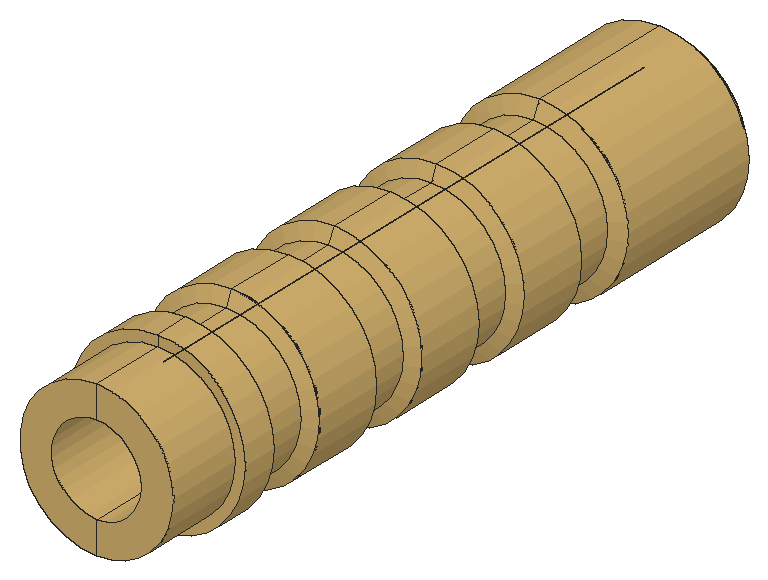
Revit family "PRD_FrankeWS_ShwrFttngsPckg_ExtensionSetForF3S-Mix_ACSM2002", category Specialty Equipment, Revit 2018
Family settings
  Round Connector Dimension = Use Diameter
  Part Type = Normal
  OmniClass Number = 23.45.05.14.99
  OmniClass Title = Other Sanitary Washing Plumbing Fixtures
  Work Plane-Based = Yes
  Always vertical = Yes
  Cut with Voids When Loaded = No
  Shared = No
  Room Calculation Point = No
Parameters (values of type "ACSM2002")
  WarrantyStartDate [instance] = "1900-12-31T23:59:59"
  WarrantyGuarantorParts = "n/a"
  WarrantyGuarantorLabor = "n/a"
  WarrantyDurationUnit = "year"
  WarrantyDurationParts = "n/a"
  WarrantyDurationLabor = "n/a"
  WarrantyDescription = "n/a"
  Version = "1"
  Uniclass2015Version = "Products v1.17"
  Uniclass2015Title = "Shower fittings package"
  Uniclass2015Code = "Pr_40_20_87_75"
  URL = "www.kwc.com"
  TailorMade = "No"
  TagNumber [instance] = "n/a"
  SustainabilityPerformance = "n/a"
  Status = "New"
  Size = "n/a"
  Shape = "n/a"
  SerialNumber [instance] = "n/a"
  Revision = "n/a"
  ReplacementCost = "n/a"
  Reference = "n/a"
  QuantityUom = "Piece"
  Quantity = "1"
  ProductInformation = "https://pim.kwc.com/product/2030046031/attachment/datasheet?locale=en"
  ProductCode = "n/a"
  NominalWidth = 0 mm
  NominalLength = 0 mm
  NominalDepth = 0 mm
  NetWeight = 0.19 kg
  Name = "Extension set for F3S-Mix ACSM2002"
  NBSTypeID = "n/a"
  NBSReference = "45-35-70/330"
  NBSOfficeMasterTag = "n/a"
  NBSNote = "n/a"
  NBSDescription = "Shower fittings package"
  NBSCertification = "n/a"
  ModelReference = "ACSM2002"
  ModelNumber = "2030046031"
  Model = ModelReference  # "ACSM2002"
  Material = "n/a"
  ManufacturerURL = "www.kwc.com"
  ManufacturerName = "KWC Group AG"  # constant formula
  Manufacturer = ManufacturerName  # "KWC Group AG"
  IntegralAccessories = "n/a"
  InstallationDate [instance] = "1900-12-31T23:59:59"
  IfcExportType = "USERDEFINED"
  IfcExportAs = "IfcSanitaryTerminalType"
  GrossWeight = 0.20 kg
  Grade = "n/a"
  Finish = "n/a"
  Features = "for F3S-Mix self-closing single mixer DN 15"
  ExpectedLife = "n/a"
  DurationUnit = "year"
  Description = "Extension set for F3S-Mix self-closing single mixer DN 15 for installation in walls, for depth compensation up to 30 mm."
  Default Elevation = 1219.2 mm
  CreatedOn = "07/2021"  # constant formula
  Constituents = "n/a"
  Color = "n/a"
  CodePerformance = "n/a"
  Category = "Pr_40_20_87_75, Shower fittings package"
  BodyMaterial = PRD_AR_Brass
  BarCode [instance] = "n/a"
  BIMObjectName = "PRD_AR_ShowerFittingsPackage_ExtensionSetForF3S-Mix_ACSM2002"
  Author = "Archispace"  # constant formula
  AssetType = "Fixed"
  AssetIdentifier [instance] = "n/a"
  AccessibilityPerformance = "n/a"
Reference planes
  plane 1 "Center (Front/Back)": y = 0
  plane 2: z = 0
  plane 3 "Center (Left/Right)": x = 0
Forms (mm)
  Revolve 1, solid, material "PRD_AR_Brass" <- "BodyMaterial", detail levels fine
    sketch origin (0, 0, 0) x (0, 1, 0) y (0, 0, 1)
      loop
        line (-56, 3.5) -> (0, 3.5) -> (0, 5.95) -> (-1, 6.95) -> (-12.727, 6.95) -> (-13.287, 5.75) -> (-16.713, 5.75) -> (-17.226, 6.85) -> (-22.75, 6.85) -> (-23.263, 5.75) -> (-26.737, 5.75) -> (-27.25, 6.85) -> (-32.75, 6.85) -> (-33.263, 5.75) -> (-36.737, 5.75) -> (-37.25, 6.85) -> (-42.75, 6.85) -> (-43.263, 5.75) -> (-46.737, 5.75) -> (-47.25, 6.85) -> (-50, 6.85) -> (-50, 6) -> (-56, 6) -> (-56, 3.5)
      axis (0, 0) -> (-56, 0)
    angle from 0 to 360
  Revolve 2, solid, material "PRD_AR_Brass" <- "BodyMaterial", detail levels coarse+medium
    sketch origin (0, 0, 0) x (0, 1, 0) y (0, 0, 1)
      loop
        line (-56, 0) -> (0, 0) -> (0, 6.95) -> (-56, 6.95) -> (-56, 0)
      axis (0, 0) -> (-56, 0)
    angle from 0 to 360
Dimensions and locks
  aligned and locked: level to plane 2
